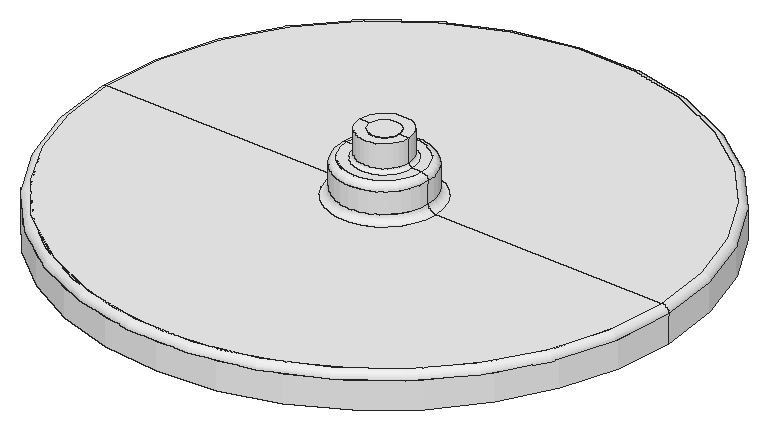
Revit family "Showerhead-DXV-Contemporary-D35700210_Series", category Plumbing Fixtures, Revit 2014
Parameters (values of type "D35700210.100")
  Width = 10"  # constant formula
  Waste Connection = no
  Warranty Documentation Link = "https://www.dxv.com/-/media/files/dxv/warranty/dxv_warranty_booklet.ashx"
  WFU = 4  # constant formula
  Vent Connection = no
  URL = "www.dxv.com"
  Tempered Water Connection Radius = Tempered Water Connection Diameter / 2  # 1/4"
  Tempered Water Connection Diameter = 1/2"  # constant formula
  Product Page URL = "https://www.dxv.com/product/contemporary-10-inch-round-rain-showerhead-by-dxv"
  Product Documentation Link = "https://dxv01.blob.core.windows.net/dxv-product-pdf-files/spec_D35700210_DXV_Contemporary_rd_10in_shwhead_EN.pdf"
  Price = "Prices may vary. Please consult Manufacturer Representative for most up-to-date price list."  # constant formula
  Model = "D35700210.100"
  Material = "Cast Brass-DXV-100-Polished Chrome"
  Manufacturer = "DXV"
  Length = 10"  # constant formula
  Installation Type = "Ceiling Mounted"  # constant formula
  Hot Water Connection Radius = Hot Water Connection Diameter / 2  # 1/4"
  Hot Water Connection Diameter = 1/2"  # constant formula
  Height = 1 5/8"  # constant formula
  HWFU = 3  # constant formula
  HW Connection = yes
  Flow Rate = "2.5 GPM (9.5L/min)"
  Finish = Cast Brass-DXV-100-Polished Chrome
  Description = "Contemporary 10\" Round Showerhead"
  Default Elevation = 0"
  Creation Date = "18/2/2014"  # constant formula
  Cold Water Connection Radius = Cold Water Connection Diameter / 2  # 1/4"
  Cold Water Connection Diameter = 1/2"  # constant formula
  CWFU = 3  # constant formula
  CW Connection = yes
  Assembly Code = "D2010710"
  ADA Compliant = yes
Types (4): name | Model | Material | Finish
  (no name) | "D35700210.100" | "Cast Brass-DXV-100-Polished Chrome" | Cast Brass-DXV-100-Polished Chrome
  D35700210.150 | "D35700210.150" | "Cast Brass-DXV-150-Platinum Nickel" | Cast Brass-DXV-150-Platinum Nickel
  D35700210.100 | "D35700210.100" | "Cast Brass-DXV-100-Polished Chrome" | Cast Brass-DXV-100-Polished Chrome
  D35700210.144 | "D35700210.144" | "Cast Brass-DXV-144-Brushed Nickel" | Cast Brass-DXV-144-Brushed Nickel
Reference planes (in)
  plane 1 "Center (Front/Back)": y = 0
  plane 2: z = 0
  plane 3 "Center (Left/Right)": x = 0
  plane 4: z = 1.625
  plane 5: x = 0.25
  plane 6: x = -0.25
  plane 7: y = -5
  plane 8: y = 5
  plane 9: x = 5
  plane 10: x = -5
Forms (in)
  Extrusion 1, solid, material "Cast Brass-DXV-100-Polished Chrome"
    sketch origin (0, 0, -0.0625) x (1, 0, 0) y (0, 1, 0)
      loop
        circle (0, 0) r 0.25
    from 0 to 0.0625
  Revolve 2, solid, material "Cast Brass-DXV-100-Polished Chrome"
    sketch origin (0, 0, -1.625) x (1, 0, 0) y (0, 0, 1)
      loop
        line (-0.89759, 0.58299) -> (-4.875, 0.58299)
        arc (-4.875, 0.58299) -> (-4.96339, 0.54638) -> (-5, 0.45799) r 0.125
        line (-5, 0.45799) -> (-5, 0) -> (0, 0) -> (0, 0.58299) -> (0, 1.1771) -> (0, 1.625) -> (-0.42871, 1.625) -> (-0.42871, 1.2396)
        arc (-0.42871, 1.2396) -> (-0.44702, 1.1954) -> (-0.49121, 1.1771) r 0.0625
        line (-0.49121, 1.1771) -> (-0.66268, 1.1771)
        arc (-0.66268, 1.1771) -> (-0.7404, 1.1449) -> (-0.77259, 1.06719) r 0.10991
        line (-0.77259, 1.06719) -> (-0.77259, 0.70799)
        arc (-0.77259, 0.70799) -> (-0.80921, 0.6196) -> (-0.89759, 0.58299) r 0.125
      axis (0, 0) -> (0, 1.625)
    angle from 0 to 360
Lines and regions (in)
  Masking region 1
    outline origin (0, 0, 0) x (1, 0, 0) y (0, 1, 0)
      loop
        circle (0, 0) r 5
  symbolic lines, style "PlumbingFixtures", detail levels medium+fine
    curve 1: circle (0, 0, 0) r 0.77466 normal (0, 0, 1)
  symbolic lines, style "PlumbingFixtures", detail levels fine
    curve 2: arc (-0.42871, 0, 0) -> (0, 0.42871, 0) -> (0.42871, 0, 0) r 0.42871
    curve 3: arc (0.42871, 0, 0) -> (0, -0.42871, 0) -> (-0.42871, 0, 0) r 0.42871
Dimensions and locks (in)
  locked: plane 7 to plane 8 at 10
  locked: plane 4 to level at 1.625
  locked: plane 10 to plane 9 at 10
Connectors (in)
  piping at (0, 0, 0), diameter 0.5, driven by "Tempered Water Connection Diameter"
    settings: on Revolve 2, index 1, connector inside diameter 24", connector length 0", flow factor 0, pipe flow 0 GPM, pressure drop 0.00 psi, fitting loss kfactor 0, connector angle 0.00°, fixture units 0, engagement length 0", angle of deflection 0.00°, flow configuration 0, flow direction 1, fitting loss method 0, system type 29, joint type 0, gender type 0, connector reference index -1, connector utility 0, adjustable connector no, is connector primary yes, connector description "1/2\" NPT Supply Inlet"
